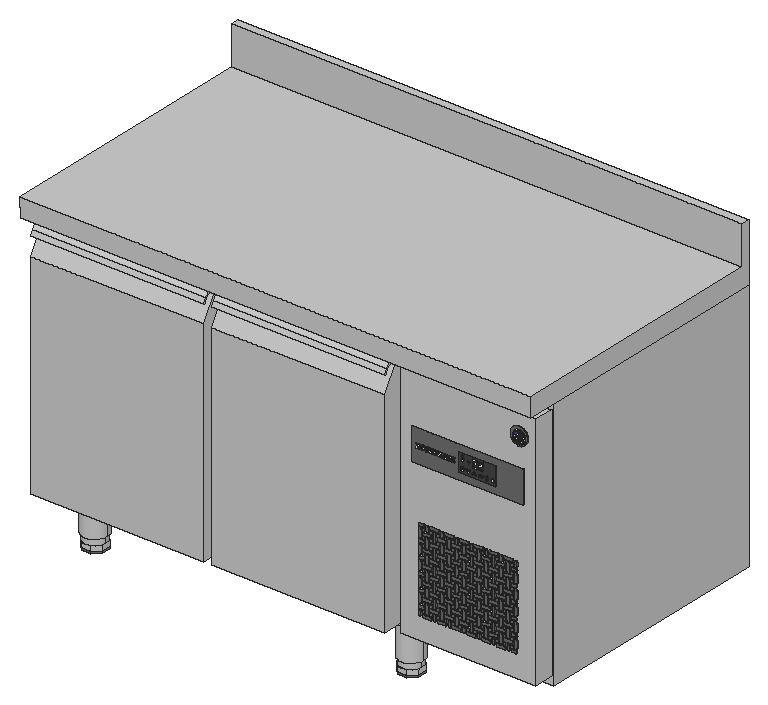
Revit family "QF_HOSHIZAKI_889000846", category Specialty Equipment, Revit 2016 (continued)
Definition of nested family "QF_HOSHIZAKI_ADVANCE_REF-COUNTER-DOORS-DRAWERS"
  Nested families
    nested 4: "2_Drawers_1-2" at (0, 0, 0), Section size <- "Section size", type "2 Drawers 1-2"
      with Worktop thickness 50 mm, Section size 446 mm, Legs height 0 mm, Height Actual 700 mm, Depth Actual 0 mm, 2 Drawers no
    nested 5: "3_Drawers_1-3_2-3" at (0, 0, 0), Section size <- "Section size", type "2 Drawers 1-3 and 2-3"
      with Worktop thickness 40 mm, Section size 446 mm, Legs height 0 mm, Height Actual 750 mm, Depth Actual 0 mm, 2 Drawers 1-3 and 2-3 no
    nested 6: "Right_Glass_Door" at (0, 0, 0), Section size <- "Section size", type "Right glass door"
      with Worktop thickness 40 mm, Section size 446 mm, Legs height 0 mm, Height Actual 750 mm, Depth Actual 0 mm, Right hand hinged glass door no
    nested 7: "Left_Glass_Door" at (0, 0, 0), Section size <- "Section size", type "Left glass door"
      with Worktop thickness 40 mm, Section size 446 mm, Legs height 0 mm, Height Actual 750 mm, Depth Actual 0 mm, Left hand hinged glass door no
  Definition of nested family "Right_Door"
    Parameters (values of type "Right door")
      Worktop thickness [instance] = 50 mm
      URL = "www.specifiglobal.com"
      Section size [instance] = 446 mm
      Right hand hinged door = yes
      Model = ""
      Manufacturer = "DEMO CONSULTANT"
      Legs height [instance] = 150 mm
      Height Actual [instance] = 850 mm
      Description = ""
      Depth Actual [instance] = 700 mm
      Assembly Code = "E1090320"
    Reference planes
      plane 1 "Back": y = 0
      plane 2: z = 0
      plane 3 "Left": x = 0
      plane 4 "Right": x = 446
      plane 5 "Front": y = -700
      plane 6 "Top": z = 850
      plane 7 "Front door": y = -633
      plane 8 "Bottom shelf": z = 150
      plane 9 "Worktop bottom": z = 800
      plane 10: z = 784
      plane 11: z = 170
    Forms (mm)
      Extrusion 1, solid, visible <- "Right hand hinged door", detail levels coarse
        sketch origin (0, -608.657, 170) x (0, 1, 0) y (-1, 0, 0)
          loop
            arc (-85.343, 0) -> (-400.712, -130.63) -> (-531.343, -446) r 446
            line (-531.343, -446) -> (-85.343, -446) -> (-85.343, 0)
        from 0 to 614
      Extrusion 2, solid, visible <- "Right hand hinged door"
        sketch origin (860, -633, 4000) x (-1, 0, 0) y (0, 0, 1)
          loop
            line (852, -3224) -> (422, -3224) -> (422, -3822) -> (852, -3822) -> (852, -3224)
          loop
            line (823, -3253) -> (451, -3253) -> (451, -3793) -> (823, -3793) -> (823, -3253)
        from 0 to -11
      Extrusion 3, solid, visible <- "Right hand hinged door"
        sketch origin (0, 0, 0) x (0, 1, 0) y (0, 0, 1)
          loop
            line (-644, 784) -> (-675.296, 784)
            arc (-675.296, 784) -> (-683.245, 781.721) -> (-688.778, 775.576) r 15
            line (-688.778, 775.576) -> (-694, 764.869) -> (-692.202, 763.992) -> (-686.981, 774.699)
            arc (-686.981, 774.699) -> (-682.185, 780.025) -> (-675.296, 782) r 13
            line (-675.296, 782) -> (-656.484, 782) -> (-694, 717.02) -> (-694, 170) -> (-644, 170) -> (-644, 784)
        from 0 to 446
    Lines and regions (mm)
      symbolic lines, visible <- "Right hand hinged door"
        curve 1: line (446, -700, 850) -> (446, -1140, 850)
        curve 2: arc (0.04, -700, 850) -> (132.759, -1011.484, 850) -> (446, -1140, 850) r 446
    Dimensions and locks
      "Section size": plane 3 "Left" to plane 4 "Right"
      "Depth Actual": plane 5 "Front" to plane 1 "Back"
      "Height Actual": plane 6 "Top" to level
      locked: plane 7 "Front door" to plane 5 "Front" at 67
      "Legs height": plane 8 "Bottom shelf" to plane 2
      "Worktop thickness": plane 6 "Top" to plane 9 "Worktop bottom"
      locked: plane 11 to plane 8 "Bottom shelf" at 20
      locked: plane 9 "Worktop bottom" to plane 10 at 16
      aligned and locked: level to plane 2
      aligned and locked: Extrusion 1 to plane 10
      aligned and locked: Extrusion 3 to plane 4 "Right"
      aligned and locked: curve 2 to Extrusion 1
      aligned and locked: plane 10 to Extrusion 3 sketch curve
      aligned and locked: Extrusion 3 sketch curve to plane 11
    Automatic sketch dimensions
      plane 4 "Right" to Extrusion 2 sketch curve = 8 mm
      plane 4 "Right" to Extrusion 2 sketch curve = 37 mm
      plane 3 "Left" to Extrusion 2 sketch curve = 37 mm
      plane 3 "Left" to Extrusion 2 sketch curve = 8 mm
      plane 11 to Extrusion 2 sketch curve = 8 mm
      plane 11 to Extrusion 2 sketch curve = 37 mm
      Extrusion 2 sketch curve to plane 10 = 37 mm
      Extrusion 2 sketch curve to plane 10 = 8 mm
      Extrusion 1 sketch curve to plane 4 "Right" = 0 mm
      Extrusion 1 sketch curve to plane 3 "Left" = 0 mm
      plane 5 "Front" to Extrusion 1 sketch curve = 6 mm
      curve 1 to plane 5 "Front" = 0 mm
      curve 2 to plane 5 "Front" = 0 mm
      Extrusion 3 sketch curve to Extrusion 3 sketch curve = 0 mm  (x2)
      Extrusion 3 sketch curve to plane 7 "Front door" = 61 mm  (x2)
      Extrusion 3 sketch curve to Extrusion 3 sketch curve = 1.798 mm  (x2)
      Extrusion 3 sketch curve to plane 10 = 8.424 mm
      Extrusion 3 sketch curve to Extrusion 3 sketch curve = 5.222 mm
      Extrusion 3 sketch curve to plane 10 = 9.301 mm
      Extrusion 3 sketch curve to plane 7 "Front door" = 42.296 mm
      Extrusion 3 sketch curve to plane 7 "Front door" = 23.484 mm
      Extrusion 3 sketch curve to Extrusion 3 sketch curve = 12.484 mm
      Extrusion 3 sketch curve to Extrusion 3 sketch curve = 46.972 mm
  Definition of nested family "Left_Door"
    Parameters (values of type "Left door")
      Worktop thickness [instance] = 50 mm
      URL = "www.specifiglobal.com"
      Section size [instance] = 450 mm
      Model = ""
      Manufacturer = "DEMO CONSULTANT"
      Legs height [instance] = 150 mm
      Left hand hinged door = yes
      Height Actual [instance] = 850 mm
      Description = ""
      Depth Actual [instance] = 700 mm
      Assembly Code = "E1090320"
    Reference planes
      plane 1 "Back": y = 0
      plane 2: z = 0
      plane 3 "Left": x = 0
      plane 4 "Right": x = 450
      plane 5 "Front": y = -700
      plane 6 "Top": z = 850
      plane 7 "Front door": y = -633
      plane 8 "Bottom shelf": z = 150
      plane 9 "Worktop bottom": z = 800
      plane 10: z = 784
      plane 11: z = 170
    Forms (mm)
      Extrusion 1, solid, visible <- "Left hand hinged door"
        sketch origin (860, -633, 4000) x (-1, 0, 0) y (0, 0, 1)
          loop
            line (852, -3224) -> (418, -3224) -> (418, -3822) -> (852, -3822) -> (852, -3224)
          loop
            line (823, -3253) -> (447, -3253) -> (447, -3793) -> (823, -3793) -> (823, -3253)
        from 0 to -11
      Extrusion 2, solid, visible <- "Left hand hinged door"
        sketch origin (0, 0, 0) x (0, 1, 0) y (0, 0, 1)
          loop
            line (-644, 784) -> (-675.296, 784)
            arc (-675.296, 784) -> (-683.245, 781.721) -> (-688.778, 775.576) r 15
            line (-688.778, 775.576) -> (-694, 764.869) -> (-692.202, 763.992) -> (-686.981, 774.699)
            arc (-686.981, 774.699) -> (-682.185, 780.025) -> (-675.296, 782) r 13
            line (-675.296, 782) -> (-656.484, 782) -> (-694, 717.02) -> (-694, 170) -> (-644, 170) -> (-644, 784)
        from 0 to 450
      Extrusion 3, solid, visible <- "Left hand hinged door", detail levels coarse
        sketch origin (0, -608.657, 170) x (0, 1, 0) y (-1, 0, 0)
          loop
            line (-85.343, -450) -> (-85.343, 0) -> (-535.343, 0)
            arc (-535.343, 0) -> (-403.541, -318.198) -> (-85.343, -450) r 450
        from 0 to 614
    Lines and regions (mm)
      symbolic lines, visible <- "Left hand hinged door"
        curve 1: line (0, -700, 850) -> (0, -1144, 850)
        curve 2: arc (0, -1144, 850) -> (316.07, -1014.312, 850) -> (449.96, -700, 850) r 450
    Dimensions and locks
      "Section size": plane 3 "Left" to plane 4 "Right"
      "Depth Actual": plane 5 "Front" to plane 1 "Back"
      "Height Actual": plane 6 "Top" to level
      locked: plane 7 "Front door" to plane 5 "Front" at 67
      "Legs height": plane 8 "Bottom shelf" to plane 2
      "Worktop thickness": plane 6 "Top" to plane 9 "Worktop bottom"
      locked: plane 11 to plane 8 "Bottom shelf" at 20
      locked: plane 9 "Worktop bottom" to plane 10 at 16
      aligned and locked: level to plane 2
      aligned and locked: Extrusion 2 to plane 4 "Right"
      aligned and locked: Extrusion 3 to plane 10
      aligned and locked: curve 2 to Extrusion 3
      aligned and locked: plane 10 to Extrusion 2 sketch curve
      aligned and locked: Extrusion 2 sketch curve to plane 11
    Automatic sketch dimensions
      plane 4 "Right" to Extrusion 1 sketch curve = 8 mm
      plane 4 "Right" to Extrusion 1 sketch curve = 37 mm
      plane 3 "Left" to Extrusion 1 sketch curve = 37 mm
      plane 3 "Left" to Extrusion 1 sketch curve = 8 mm
      plane 11 to Extrusion 1 sketch curve = 8 mm
      plane 11 to Extrusion 1 sketch curve = 37 mm
      Extrusion 1 sketch curve to plane 10 = 37 mm
      Extrusion 1 sketch curve to plane 10 = 8 mm
      Extrusion 3 sketch curve to plane 3 "Left" = 0 mm
      Extrusion 3 sketch curve to plane 4 "Right" = 0 mm
      plane 5 "Front" to Extrusion 3 sketch curve = 6 mm
      curve 1 to plane 5 "Front" = 0 mm
      curve 2 to plane 5 "Front" = 0 mm
      Extrusion 2 sketch curve to Extrusion 2 sketch curve = 0 mm  (x2)
      plane 5 "Front" to Extrusion 2 sketch curve = 6 mm  (x2)
      Extrusion 2 sketch curve to Extrusion 2 sketch curve = 1.798 mm
      plane 5 "Front" to Extrusion 2 sketch curve = 11.222 mm
      Extrusion 2 sketch curve to Extrusion 2 sketch curve = 11.684 mm
      Extrusion 2 sketch curve to Extrusion 2 sketch curve = 18.812 mm
      Extrusion 2 sketch curve to plane 7 "Front door" = 11 mm
      Extrusion 2 sketch curve to plane 10 = 66.98 mm
      Extrusion 2 sketch curve to plane 10 = 20.008 mm
      Extrusion 2 sketch curve to Extrusion 2 sketch curve = 0.877 mm  (x2)
  Definition of nested family "3_Drawers_1-3"
    Parameters (values of type "3 Drawers 1-3")
      Worktop thickness [instance] = 50 mm
      URL = "www.specifiglobal.com"
      Section size [instance] = 446 mm
      Model = ""
      Manufacturer = "DEMO CONSULTANT"
      Legs height [instance] = 150 mm
      Height Actual [instance] = 850 mm
      Description = ""
      Depth Actual [instance] = 700 mm
      Assembly Code = "E1090320"
      3 Drawers = yes
    Reference planes
      plane 1 "Back": y = 0
      plane 2: z = 0
      plane 3 "Left": x = 0
      plane 4 "Right": x = 446
      plane 5 "Front": y = -700
      plane 6 "Top": z = 850
      plane 7 "Front door": y = -633
      plane 8 "Bottom shelf": z = 150
      plane 9 "Worktop bottom": z = 800
      plane 10: z = 784
      plane 11: z = 170
      plane 12: z = 584
      plane 13: z = 577
      plane 14: z = 370
      plane 15: z = 377
      plane 16: z = 580.5
      plane 17: z = 373.5
      plane 18: z = 166.5
      plane 19: z = 787.5
    Forms (mm)
      Extrusion 1, solid, visible <- "3 Drawers"
        sketch origin (860, -633, 4000) x (-1, 0, 0) y (0, 0, 1)
          loop
            line (852, -3224) -> (422, -3224) -> (422, -3408) -> (852, -3408) -> (852, -3224)
          loop
            line (823, -3253) -> (451, -3253) -> (451, -3379) -> (823, -3379) -> (823, -3253)
        from 0 to -11
      Extrusion 2, solid, visible <- "3 Drawers"
        sketch origin (0, 0, 0) x (0, 1, 0) y (0, 0, 1)
          loop
            line (-644, 784) -> (-675.296, 784)
            arc (-675.296, 784) -> (-683.245, 781.721) -> (-688.778, 775.576) r 15
            line (-688.778, 775.576) -> (-694, 764.869) -> (-692.202, 763.992) -> (-686.981, 774.699)
            arc (-686.981, 774.699) -> (-682.185, 780.025) -> (-675.296, 782) r 13
            line (-675.296, 782) -> (-656.484, 782) -> (-694, 717.02) -> (-694, 584) -> (-644, 584) -> (-644, 784)
        from 0 to 446
      Extrusion 3, solid, visible <- "3 Drawers"
        sketch origin (0, 0, -237.3) x (0, 1, 0) y (0, 0, 1)
          loop
            line (-644, 814.3) -> (-675.296, 814.3)
            arc (-675.296, 814.3) -> (-683.245, 812.021) -> (-688.778, 805.876) r 15
            line (-688.778, 805.876) -> (-694, 795.169) -> (-692.202, 794.292) -> (-686.981, 804.999)
            arc (-686.981, 804.999) -> (-682.185, 810.325) -> (-675.296, 812.3) r 13
            line (-675.296, 812.3) -> (-656.484, 812.3) -> (-694, 747.32) -> (-694, 614.3) -> (-644, 614.3) -> (-644, 814.3)
        from 0 to 446
      Extrusion 4, solid, visible <- "3 Drawers"
        sketch origin (0, 0, -463.333) x (0, 1, 0) y (0, 0, 1)
          loop
            line (-644, 833.333) -> (-675.296, 833.333)
            arc (-675.296, 833.333) -> (-683.245, 831.054) -> (-688.778, 824.909) r 15
            line (-688.778, 824.909) -> (-694, 814.202) -> (-692.202, 813.326) -> (-686.981, 824.032)
            arc (-686.981, 824.032) -> (-682.185, 829.358) -> (-675.296, 831.333) r 13
            line (-675.296, 831.333) -> (-656.484, 831.333) -> (-694, 766.353) -> (-694, 633.333) -> (-644, 633.333) -> (-644, 833.333)
        from 0 to 446
      Extrusion 5, solid, visible <- "3 Drawers"
        sketch origin (860, -633, 3773.7) x (-1, 0, 0) y (0, 0, 1)
          loop
            line (852, -3204.7) -> (422, -3204.7) -> (422, -3388.7) -> (852, -3388.7) -> (852, -3204.7)
          loop
            line (823, -3233.7) -> (451, -3233.7) -> (451, -3359.7) -> (823, -3359.7) -> (823, -3233.7)
        from 0 to -11
      Extrusion 6, solid, visible <- "3 Drawers"
        sketch origin (860, -633, 3547) x (-1, 0, 0) y (0, 0, 1)
          loop
            line (852, -3185) -> (422, -3185) -> (422, -3369) -> (852, -3369) -> (852, -3185)
          loop
            line (823, -3214) -> (451, -3214) -> (451, -3340) -> (823, -3340) -> (823, -3214)
        from 0 to -11
      Extrusion 7, solid, visible <- "3 Drawers", detail levels coarse
        sketch origin (0, -608.657, 584) x (0, 1, 0) y (-1, 0, 0)
          loop
            line (-85.343, 0) -> (-551.343, 0) -> (-551.343, -446) -> (-85.343, -446) -> (-85.343, 0)
        from 0 to 200
      Extrusion 8, solid, visible <- "3 Drawers", detail levels coarse
        sketch origin (0, -503.657, 377) x (0, 1, 0) y (-1, 0, 0)
          loop
            line (-190.343, 0) -> (-656.343, 0) -> (-656.343, -446) -> (-190.343, -446) -> (-190.343, 0)
        from 0 to 200
      Extrusion 9, solid, visible <- "3 Drawers", detail levels coarse
        sketch origin (0, -343.657, 170) x (0, 1, 0) y (-1, 0, 0)
          loop
            line (-350.343, 0) -> (-816.343, 0) -> (-816.343, -446) -> (-350.343, -446) -> (-350.343, 0)
        from 0 to 200
    Lines and regions (mm)
      symbolic lines, visible <- "3 Drawers"
        curve 1: line (0, -808, 850) -> (0, -854, 850)
        curve 2: line (0, -854, 850) -> (446, -854, 850)
        curve 3: line (446, -854, 850) -> (446, -808, 850)
        curve 4: line (446, -808, 850) -> (0, -808, 850)
        curve 5: line (416, -808, 850) -> (416, -700, 850)
        curve 6: line (30, -808, 850) -> (30, -700, 850)
        curve 7: line (0, -961, 850) -> (0, -1007, 850)
        curve 8: line (0, -1007, 850) -> (446, -1007, 850)
        curve 9: line (446, -1007, 850) -> (446, -961, 850)
        curve 10: line (446, -961, 850) -> (0, -961, 850)
        curve 11: line (416, -961, 850) -> (416, -854, 850)
        curve 12: line (30, -961, 850) -> (30, -854, 850)
        curve 13: line (0, -1114, 850) -> (0, -1160, 850)
        curve 14: line (0, -1160, 850) -> (446, -1160, 850)
        curve 15: line (446, -1160, 850) -> (446, -1114, 850)
        curve 16: line (446, -1114, 850) -> (0, -1114, 850)
        curve 17: line (416, -1114, 850) -> (416, -1007, 850)
        curve 18: line (30, -1114, 850) -> (30, -1007, 850)
    Dimensions and locks
      "Section size": plane 3 "Left" to plane 4 "Right"
      "Depth Actual": plane 5 "Front" to plane 1 "Back"
      "Height Actual": plane 6 "Top" to level
      locked: plane 7 "Front door" to plane 5 "Front" at 67
      "Legs height": plane 8 "Bottom shelf" to plane 2
      "Worktop thickness": plane 6 "Top" to plane 9 "Worktop bottom"
      locked: plane 11 to plane 8 "Bottom shelf" at 20
      locked: plane 9 "Worktop bottom" to plane 10 at 16
      locked: plane 12 to plane 13 at 7
      locked: plane 15 to plane 14 at 7
      locked: plane 11 to plane 18 at 3.5
      equal spacing: plane 12, plane 16, plane 13
      equal spacing: plane 15, plane 17, plane 14
      locked: plane 19 to plane 10 at 3.5
      equal spacing: plane 19, plane 16, plane 17, plane 18
      aligned and locked: level to plane 2
      aligned and locked: Extrusion 2 to plane 4 "Right"
      aligned and locked: Extrusion 3 to plane 4 "Right"
      aligned and locked: Extrusion 4 to plane 4 "Right"
      aligned and locked: plane 4 "Right" to Extrusion 7 sketch curve
      aligned and locked: plane 3 "Left" to Extrusion 7 sketch curve
      aligned and locked: Extrusion 7 to plane 10
      aligned and locked: Extrusion 8 to plane 13
      aligned and locked: Extrusion 9 to plane 14
      aligned and locked: plane 10 to Extrusion 2 sketch curve
      aligned and locked: Extrusion 2 sketch curve to plane 12
      aligned and locked: Extrusion 3 sketch curve to plane 15
      aligned and locked: plane 13 to Extrusion 3 sketch curve
    Automatic sketch dimensions
      plane 4 "Right" to Extrusion 1 sketch curve = 8 mm
      plane 4 "Right" to Extrusion 1 sketch curve = 37 mm
      plane 3 "Left" to Extrusion 1 sketch curve = 37 mm
      plane 3 "Left" to Extrusion 1 sketch curve = 8 mm
      plane 12 to Extrusion 1 sketch curve = 8 mm
      plane 12 to Extrusion 1 sketch curve = 37 mm
      Extrusion 1 sketch curve to plane 10 = 37 mm
      Extrusion 1 sketch curve to plane 10 = 8 mm
      plane 4 "Right" to Extrusion 5 sketch curve = 8 mm
      plane 4 "Right" to Extrusion 5 sketch curve = 37 mm
      plane 3 "Left" to Extrusion 5 sketch curve = 37 mm
      plane 3 "Left" to Extrusion 5 sketch curve = 8 mm
      plane 15 to Extrusion 5 sketch curve = 8 mm
      plane 15 to Extrusion 5 sketch curve = 37 mm
      Extrusion 5 sketch curve to plane 13 = 37 mm
      Extrusion 5 sketch curve to plane 13 = 8 mm
      plane 4 "Right" to Extrusion 6 sketch curve = 8 mm
      plane 4 "Right" to Extrusion 6 sketch curve = 37 mm
      plane 3 "Left" to Extrusion 6 sketch curve = 37 mm
      plane 3 "Left" to Extrusion 6 sketch curve = 8 mm
      plane 11 to Extrusion 6 sketch curve = 8 mm
      plane 11 to Extrusion 6 sketch curve = 37 mm
      Extrusion 6 sketch curve to plane 14 = 37 mm
      Extrusion 6 sketch curve to plane 14 = 8 mm
      Extrusion 7 sketch curve to plane 5 "Front" = 460 mm
      plane 5 "Front" to Extrusion 7 sketch curve = 6 mm
      Extrusion 8 sketch curve to plane 3 "Left" = 0 mm
      Extrusion 8 sketch curve to plane 4 "Right" = 0 mm
      Extrusion 8 sketch curve to plane 5 "Front" = 460 mm
      plane 5 "Front" to Extrusion 8 sketch curve = 6 mm
      Extrusion 9 sketch curve to plane 3 "Left" = 0 mm
      Extrusion 9 sketch curve to plane 4 "Right" = 0 mm
      Extrusion 9 sketch curve to plane 5 "Front" = 460 mm
      plane 5 "Front" to Extrusion 9 sketch curve = 6 mm
      curve 13 to plane 3 "Left" = 0 mm
      curve 14 to plane 4 "Right" = 0 mm
      curve 7 to plane 3 "Left" = 0 mm
      curve 8 to plane 4 "Right" = 0 mm
      curve 1 to plane 3 "Left" = 0 mm
      curve 3 to plane 4 "Right" = 0 mm
      curve 6 to plane 5 "Front" = 0 mm
      curve 5 to plane 5 "Front" = 0 mm
      curve 1 to plane 5 "Front" = 108 mm
      curve 2 to curve 3 = 46 mm
      curve 7 to curve 1 = 107 mm
      curve 9 to curve 9 = 46 mm
      curve 16 to curve 7 = 107 mm
      curve 14 to curve 13 = 46 mm
      curve 8 to curve 17 = 30 mm
      curve 9 to curve 11 = 30 mm
      curve 3 to curve 5 = 30 mm
      plane 3 "Left" to curve 6 = 30 mm
      plane 3 "Left" to curve 18 = 30 mm
      plane 3 "Left" to curve 12 = 30 mm
      Extrusion 2 sketch curve to Extrusion 2 sketch curve = 0 mm  (x3)
      plane 5 "Front" to Extrusion 2 sketch curve = 6 mm  (x2)
      Extrusion 2 sketch curve to Extrusion 2 sketch curve = 1.798 mm  (x2)
      Extrusion 2 sketch curve to Extrusion 2 sketch curve = 11.684 mm
      plane 5 "Front" to Extrusion 2 sketch curve = 43.516 mm
      plane 5 "Front" to Extrusion 2 sketch curve = 56 mm
      Extrusion 2 sketch curve to plane 10 = 66.98 mm
      Extrusion 3 sketch curve to Extrusion 3 sketch curve = 0 mm  (x4)
      Extrusion 3 sketch curve to Extrusion 3 sketch curve = 1.798 mm  (x2)
      plane 5 "Front" to Extrusion 3 sketch curve = 11.222 mm
      Extrusion 3 sketch curve to Extrusion 3 sketch curve = 18.812 mm
      Extrusion 3 sketch curve to plane 7 "Front door" = 11 mm
      Extrusion 3 sketch curve to Extrusion 3 sketch curve = 46.972 mm
      Extrusion 4 sketch curve to Extrusion 4 sketch curve = 0 mm  (x2)
      Extrusion 4 sketch curve to plane 11 = 0 mm
      Extrusion 4 sketch curve to plane 14 = 0 mm
      Extrusion 4 sketch curve to plane 7 "Front door" = 61 mm  (x2)
      Extrusion 4 sketch curve to Extrusion 4 sketch curve = 1.798 mm  (x2)
      Extrusion 4 sketch curve to plane 14 = 8.424 mm
      Extrusion 4 sketch curve to Extrusion 4 sketch curve = 5.222 mm
      Extrusion 4 sketch curve to plane 14 = 9.301 mm
      Extrusion 4 sketch curve to plane 7 "Front door" = 42.296 mm
      Extrusion 4 sketch curve to plane 7 "Front door" = 23.484 mm
      Extrusion 4 sketch curve to plane 7 "Front door" = 11 mm
      Extrusion 4 sketch curve to Extrusion 4 sketch curve = 46.972 mm
      plane 5 "Front" to Extrusion 2 sketch curve = 11.222 mm
      plane 5 "Front" to Extrusion 3 sketch curve = 7.798 mm
      plane 5 "Front" to Extrusion 3 sketch curve = 6 mm
      Extrusion 3 sketch curve to Extrusion 3 sketch curve = 11.684 mm
      Extrusion 3 sketch curve to Extrusion 3 sketch curve = 66.98 mm
      Extrusion 3 sketch curve to Extrusion 3 sketch curve = 0.877 mm
      Extrusion 2 sketch curve to plane 10 = 20.008 mm
      Extrusion 2 sketch curve to Extrusion 2 sketch curve = 0.877 mm
  Definition of nested family "2_Drawers_1-2"
    Parameters (values of type "2 Drawers 1-2")
      Worktop thickness [instance] = 50 mm
      URL = "www.specifiglobal.com"
      Section size [instance] = 446 mm
      Model = ""
      Manufacturer = "DEMO CONSULTANT"
      Legs height [instance] = 150 mm
      Height Actual [instance] = 850 mm
      Description = ""
      Depth Actual [instance] = 700 mm
      Assembly Code = "E1090320"
      2 Drawers = yes
    Reference planes
      plane 1 "Back": y = 0
      plane 2: z = 0
      plane 3 "Left": x = 0
      plane 4 "Right": x = 446
      plane 5 "Front": y = -700
      plane 6 "Top": z = 850
      plane 7 "Front door": y = -633
      plane 8 "Bottom shelf": z = 150
      plane 9 "Worktop bottom": z = 800
      plane 10: z = 784
      plane 11: z = 170
      plane 12: z = 481
      plane 13: z = 473
      plane 14: z = 477
      plane 15: z = 792
      plane 16: z = 160
    Forms (mm)
      Extrusion 1, solid, visible <- "2 Drawers"
        sketch origin (860, -633, 4000) x (-1, 0, 0) y (0, 0, 1)
          loop
            line (852, -3224) -> (422, -3224) -> (422, -3511) -> (852, -3511) -> (852, -3224)
          loop
            line (823, -3253) -> (451, -3253) -> (451, -3482) -> (823, -3482) -> (823, -3253)
        from 0 to -11
      Extrusion 2, solid, visible <- "2 Drawers"
        sketch origin (0, 0, 0) x (0, 1, 0) y (0, 0, 1)
          loop
            line (-644, 784) -> (-675.296, 784)
            arc (-675.296, 784) -> (-683.245, 781.721) -> (-688.778, 775.576) r 15
            line (-688.778, 775.576) -> (-694, 764.869) -> (-692.202, 763.992) -> (-686.981, 774.699)
            arc (-686.981, 774.699) -> (-682.185, 780.025) -> (-675.296, 782) r 13
            line (-675.296, 782) -> (-656.484, 782) -> (-694, 717.02) -> (-694, 481) -> (-644, 481) -> (-644, 784)
        from 0 to 446
      Extrusion 3, solid, visible <- "2 Drawers"
        sketch origin (0, 0, -463.333) x (0, 1, 0) y (0, 0, 1)
          loop
            line (-644, 936.333) -> (-675.296, 936.333)
            arc (-675.296, 936.333) -> (-683.245, 934.054) -> (-688.778, 927.909) r 15
            line (-688.778, 927.909) -> (-694, 917.202) -> (-692.202, 916.326) -> (-686.981, 927.032)
            arc (-686.981, 927.032) -> (-682.185, 932.358) -> (-675.296, 934.333) r 13
            line (-675.296, 934.333) -> (-656.484, 934.333) -> (-694, 869.353) -> (-694, 633.333) -> (-644, 633.333) -> (-644, 936.333)
        from 0 to 446
      Extrusion 4, solid, visible <- "2 Drawers"
        sketch origin (860, -633, 3547) x (-1, 0, 0) y (0, 0, 1)
          loop
            line (852, -3082) -> (422, -3082) -> (422, -3369) -> (852, -3369) -> (852, -3082)
          loop
            line (823, -3111) -> (451, -3111) -> (451, -3340) -> (823, -3340) -> (823, -3111)
        from 0 to -11
      Extrusion 5, solid, visible <- "2 Drawers", detail levels coarse
        sketch origin (0, -608.657, 481) x (0, 1, 0) y (-1, 0, 0)
          loop
            line (-85.343, 0) -> (-551.343, 0) -> (-551.343, -446) -> (-85.343, -446) -> (-85.343, 0)
        from 0 to 303
      Extrusion 6, solid, visible <- "2 Drawers", detail levels coarse
        sketch origin (0, -343.657, 170) x (0, 1, 0) y (-1, 0, 0)
          loop
            line (-350.343, 0) -> (-816.343, 0) -> (-816.343, -446) -> (-350.343, -446) -> (-350.343, 0)
        from 0 to 303
    Lines and regions (mm)
      symbolic lines, visible <- "2 Drawers"
        curve 1: line (0, -884, 850) -> (0, -930, 850)
        curve 2: line (0, -930, 850) -> (446, -930, 850)
        curve 3: line (446, -930, 850) -> (446, -884, 850)
        curve 4: line (446, -884, 850) -> (0, -884, 850)
        curve 5: line (416, -884, 850) -> (416, -700, 850)
        curve 6: line (30, -884, 850) -> (30, -700, 850)
        curve 7: line (0, -1114, 850) -> (0, -1160, 850)
        curve 8: line (0, -1160, 850) -> (446, -1160, 850)
        curve 9: line (446, -1160, 850) -> (446, -1114, 850)
        curve 10: line (446, -1114, 850) -> (0, -1114, 850)
        curve 11: line (416, -1114, 850) -> (416, -930, 850)
        curve 12: line (30, -1114, 850) -> (30, -930, 850)
    Dimensions and locks
      "Section size": plane 3 "Left" to plane 4 "Right"
      "Depth Actual": plane 5 "Front" to plane 1 "Back"
      "Height Actual": plane 6 "Top" to level
      locked: plane 7 "Front door" to plane 5 "Front" at 67
      "Legs height": plane 8 "Bottom shelf" to plane 2
      "Worktop thickness": plane 6 "Top" to plane 9 "Worktop bottom"
      locked: plane 11 to plane 8 "Bottom shelf" at 20
      locked: plane 9 "Worktop bottom" to plane 10 at 16
      equal spacing: plane 9 "Worktop bottom", plane 15, plane 10
      equal spacing: plane 11, plane 16, plane 8 "Bottom shelf"
      plane 12 to plane 13 = 8 mm
      equal spacing: plane 12, plane 14, plane 13
      equal spacing: plane 10, plane 14, plane 11
      aligned and locked: level to plane 2
      aligned and locked: Extrusion 2 to plane 4 "Right"
      aligned and locked: Extrusion 3 to plane 4 "Right"
      aligned and locked: plane 4 "Right" to Extrusion 5 sketch curve
      aligned and locked: plane 3 "Left" to Extrusion 5 sketch curve
      aligned and locked: Extrusion 5 to plane 10
      aligned and locked: Extrusion 6 to plane 13
      aligned and locked: Extrusion 2 sketch curve to plane 12
      aligned and locked: plane 10 to Extrusion 2 sketch curve
      aligned and locked: Extrusion 3 sketch curve to plane 11
      aligned and locked: plane 13 to Extrusion 3 sketch curve
    Automatic sketch dimensions
      plane 4 "Right" to Extrusion 1 sketch curve = 8 mm
      plane 4 "Right" to Extrusion 1 sketch curve = 37 mm
      plane 3 "Left" to Extrusion 1 sketch curve = 37 mm
      plane 3 "Left" to Extrusion 1 sketch curve = 8 mm
      plane 12 to Extrusion 1 sketch curve = 8 mm
      plane 12 to Extrusion 1 sketch curve = 37 mm
      Extrusion 1 sketch curve to plane 10 = 37 mm
      Extrusion 1 sketch curve to plane 10 = 8 mm
      plane 4 "Right" to Extrusion 4 sketch curve = 8 mm
      plane 4 "Right" to Extrusion 4 sketch curve = 37 mm
      plane 3 "Left" to Extrusion 4 sketch curve = 37 mm
      plane 3 "Left" to Extrusion 4 sketch curve = 8 mm
      plane 11 to Extrusion 4 sketch curve = 8 mm
      plane 11 to Extrusion 4 sketch curve = 37 mm
      Extrusion 4 sketch curve to plane 13 = 37 mm
      Extrusion 4 sketch curve to plane 13 = 8 mm
      Extrusion 5 sketch curve to plane 5 "Front" = 460 mm
      plane 5 "Front" to Extrusion 5 sketch curve = 6 mm
      Extrusion 6 sketch curve to plane 3 "Left" = 0 mm
      Extrusion 6 sketch curve to plane 4 "Right" = 0 mm
      Extrusion 6 sketch curve to plane 5 "Front" = 460 mm
      plane 5 "Front" to Extrusion 6 sketch curve = 6 mm
      curve 8 to plane 3 "Left" = 0 mm
      curve 8 to plane 4 "Right" = 0 mm
      curve 3 to plane 4 "Right" = 0 mm
      curve 1 to plane 3 "Left" = 0 mm
      curve 5 to plane 5 "Front" = 0 mm
      curve 6 to plane 5 "Front" = 0 mm
      curve 4 to plane 5 "Front" = 184 mm
      curve 2 to curve 1 = 46 mm
      curve 7 to curve 1 = 184 mm
      curve 9 to curve 9 = 46 mm
      plane 4 "Right" to curve 5 = 30 mm
      plane 4 "Right" to curve 11 = 30 mm
      plane 3 "Left" to curve 12 = 30 mm
      plane 3 "Left" to curve 6 = 30 mm
      Extrusion 2 sketch curve to Extrusion 2 sketch curve = 0 mm  (x2)
      plane 5 "Front" to Extrusion 2 sketch curve = 6 mm  (x2)
      Extrusion 2 sketch curve to Extrusion 2 sketch curve = 1.798 mm  (x2)
      Extrusion 2 sketch curve to Extrusion 2 sketch curve = 5.222 mm
      plane 5 "Front" to Extrusion 2 sketch curve = 24.704 mm
      plane 5 "Front" to Extrusion 2 sketch curve = 43.516 mm
      plane 5 "Front" to Extrusion 2 sketch curve = 56 mm
      Extrusion 2 sketch curve to Extrusion 2 sketch curve = 46.972 mm
      Extrusion 2 sketch curve to Extrusion 2 sketch curve = 0.877 mm
      Extrusion 2 sketch curve to Extrusion 2 sketch curve = 5.699 mm
      plane 5 "Front" to Extrusion 3 sketch curve = 6 mm  (x2)
      Extrusion 3 sketch curve to Extrusion 3 sketch curve = 1.798 mm  (x2)
      Extrusion 3 sketch curve to Extrusion 3 sketch curve = 5.222 mm
      Extrusion 3 sketch curve to Extrusion 3 sketch curve = 11.684 mm
      plane 5 "Front" to Extrusion 3 sketch curve = 43.516 mm
      plane 5 "Front" to Extrusion 3 sketch curve = 56 mm
      Extrusion 3 sketch curve to Extrusion 3 sketch curve = 46.972 mm
      Extrusion 3 sketch curve to Extrusion 3 sketch curve = 0 mm  (x2)
      Extrusion 3 sketch curve to Extrusion 3 sketch curve = 5.699 mm
      Extrusion 3 sketch curve to Extrusion 3 sketch curve = 0.877 mm
  Definition of nested family "3_Drawers_1-3_2-3"
    Parameters (values of type "2 Drawers 1-3 and 2-3")
      Worktop thickness [instance] = 40 mm
      URL = "www.specifiglobal.com"
      Section size [instance] = 421 mm
      Model = ""
      Manufacturer = "DEMO CONSULTANT"
      Legs height [instance] = 150 mm
      Height Actual [instance] = 900 mm
      Description = ""
      Depth Actual [instance] = 700 mm
      Assembly Code = "E1090320"
      2 Drawers 1-3 and 2-3 = yes
    Reference planes
      plane 1 "Back": y = 0
      plane 2: z = 0
      plane 3 "Left": x = 0
      plane 4 "Right": x = 421
      plane 5 "Front": y = -700
      plane 6 "Top": z = 900
      plane 7 "Front door": y = -633
      plane 8 "Bottom shelf": z = 150
      plane 9 "Worktop bottom": z = 860
      plane 10: z = 841
      plane 11: z = 186
      plane 12: z = 627
      plane 13: z = 620
      plane 14: z = 623.5
      plane 15: z = 850.5
      plane 16: z = 168
    Forms (mm)
      Extrusion 1, solid, visible <- "2 Drawers 1-3 and 2-3"
        sketch origin (860, -633, 4000) x (-1, 0, 0) y (0, 0, 1)
          loop
            line (852, -3167) -> (447, -3167) -> (447, -3365) -> (852, -3365) -> (852, -3167)
          loop
            line (823, -3196) -> (476, -3196) -> (476, -3336) -> (823, -3336) -> (823, -3196)
        from 0 to -11
      Extrusion 2, solid, visible <- "2 Drawers 1-3 and 2-3"
        sketch origin (0, 0, 0) x (0, 1, 0) y (0, 0, 1)
          loop
            line (-644, 841) -> (-675.296, 841)
            arc (-675.296, 841) -> (-683.245, 838.721) -> (-688.778, 832.576) r 15
            line (-688.778, 832.576) -> (-694, 821.869) -> (-692.202, 820.992) -> (-686.981, 831.699)
            arc (-686.981, 831.699) -> (-682.185, 837.025) -> (-675.296, 839) r 13
            line (-675.296, 839) -> (-656.484, 839) -> (-694, 774.02) -> (-694, 627) -> (-644, 627) -> (-644, 841)
        from 0 to 421
      Extrusion 3, solid, visible <- "2 Drawers 1-3 and 2-3"
        sketch origin (0, 0, -463.333) x (0, 1, 0) y (0, 0, 1)
          loop
            line (-644, 1083.333) -> (-675.296, 1083.333)
            arc (-675.296, 1083.333) -> (-683.245, 1081.054) -> (-688.778, 1074.909) r 15
            line (-688.778, 1074.909) -> (-694, 1064.202) -> (-692.202, 1063.326) -> (-686.981, 1074.032)
            arc (-686.981, 1074.032) -> (-682.185, 1079.358) -> (-675.296, 1081.333) r 13
            line (-675.296, 1081.333) -> (-656.484, 1081.333) -> (-694, 1016.353) -> (-694, 649.333) -> (-644, 649.333) -> (-644, 1083.333)
        from 0 to 421
      Extrusion 4, solid, visible <- "2 Drawers 1-3 and 2-3"
        sketch origin (860, -633, 3547) x (-1, 0, 0) y (0, 0, 1)
          loop
            line (852, -2935) -> (447, -2935) -> (447, -3353) -> (852, -3353) -> (852, -2935)
          loop
            line (823, -2964) -> (476, -2964) -> (476, -3324) -> (823, -3324) -> (823, -2964)
        from 0 to -11
      Extrusion 5, solid, visible <- "2 Drawers 1-3 and 2-3", detail levels coarse
        sketch origin (0, -608.657, 627) x (0, 1, 0) y (-1, 0, 0)
          loop
            line (-85.343, 0) -> (-551.343, 0) -> (-551.343, -421) -> (-85.343, -421) -> (-85.343, 0)
        from 0 to 214
      Extrusion 6, solid, visible <- "2 Drawers 1-3 and 2-3", detail levels coarse
        sketch origin (0, -343.657, 186) x (0, 1, 0) y (-1, 0, 0)
          loop
            line (-350.343, 0) -> (-816.343, 0) -> (-816.343, -421) -> (-350.343, -421) -> (-350.343, 0)
        from 0 to 434
    Lines and regions (mm)
      symbolic lines, visible <- "2 Drawers 1-3 and 2-3"
        curve 1: line (0, -804, 900) -> (0, -850, 900)
        curve 2: line (0, -850, 900) -> (421, -850, 900)
        curve 3: line (421, -850, 900) -> (421, -804, 900)
        curve 4: line (421, -804, 900) -> (0, -804, 900)
        curve 5: line (391, -804, 900) -> (391, -700, 900)
        curve 6: line (30, -804, 900) -> (30, -700, 900)
        curve 7: line (0, -1114, 900) -> (0, -1160, 900)
        curve 8: line (0, -1160, 900) -> (421, -1160, 900)
        curve 9: line (421, -1160, 900) -> (421, -1114, 900)
        curve 10: line (421, -1114, 900) -> (0, -1114, 900)
        curve 11: line (391, -1114, 900) -> (391, -850, 900)
        curve 12: line (30, -1114, 900) -> (30, -850, 900)
    Dimensions and locks
      "Section size": plane 3 "Left" to plane 4 "Right"
      "Depth Actual": plane 5 "Front" to plane 1 "Back"
      "Height Actual": plane 6 "Top" to level
      locked: plane 7 "Front door" to plane 5 "Front" at 67
      "Legs height": plane 8 "Bottom shelf" to plane 2
      "Worktop thickness": plane 6 "Top" to plane 9 "Worktop bottom"
      locked: plane 11 to plane 8 "Bottom shelf" at 36
      locked: plane 9 "Worktop bottom" to plane 10 at 19
      locked: plane 12 to plane 13 at 7
      equal spacing: plane 9 "Worktop bottom", plane 15, plane 10
      equal spacing: plane 11, plane 16, plane 8 "Bottom shelf"
      locked: Extrusion 4 sketch curve to plane 13 at 37
      locked: Extrusion 4 sketch curve to plane 13 at 8
      equal spacing: plane 12, plane 14, plane 13
      locked: plane 10 to plane 12 at 214
      aligned and locked: level to plane 2
      aligned and locked: Extrusion 2 to plane 4 "Right"
      aligned and locked: Extrusion 3 to plane 4 "Right"
      aligned and locked: plane 4 "Right" to Extrusion 5 sketch curve
      aligned and locked: plane 3 "Left" to Extrusion 5 sketch curve
      aligned and locked: Extrusion 5 to plane 10
      aligned and locked: Extrusion 6 to plane 13
      aligned and locked: plane 10 to Extrusion 2 sketch curve
      aligned and locked: Extrusion 2 sketch curve to plane 12
      aligned and locked: Extrusion 3 sketch curve to plane 11
      aligned and locked: plane 13 to Extrusion 3 sketch curve
    Automatic sketch dimensions
      plane 4 "Right" to Extrusion 1 sketch curve = 8 mm
      plane 4 "Right" to Extrusion 1 sketch curve = 37 mm
      plane 3 "Left" to Extrusion 1 sketch curve = 37 mm
      plane 3 "Left" to Extrusion 1 sketch curve = 8 mm
      plane 12 to Extrusion 1 sketch curve = 8 mm
      plane 12 to Extrusion 1 sketch curve = 37 mm
      Extrusion 1 sketch curve to plane 10 = 37 mm
      Extrusion 1 sketch curve to plane 10 = 8 mm
      plane 4 "Right" to Extrusion 4 sketch curve = 8 mm
      plane 4 "Right" to Extrusion 4 sketch curve = 37 mm
      plane 3 "Left" to Extrusion 4 sketch curve = 37 mm
      plane 3 "Left" to Extrusion 4 sketch curve = 8 mm
      plane 11 to Extrusion 4 sketch curve = 8 mm
      plane 11 to Extrusion 4 sketch curve = 37 mm
      Extrusion 5 sketch curve to plane 5 "Front" = 460 mm
      plane 5 "Front" to Extrusion 5 sketch curve = 6 mm
      Extrusion 6 sketch curve to plane 3 "Left" = 0 mm
      Extrusion 6 sketch curve to plane 4 "Right" = 0 mm
      Extrusion 6 sketch curve to plane 5 "Front" = 460 mm
      plane 5 "Front" to Extrusion 6 sketch curve = 6 mm
      curve 8 to plane 3 "Left" = 0 mm
      curve 8 to plane 4 "Right" = 0 mm
      curve 3 to plane 4 "Right" = 0 mm
      curve 1 to plane 3 "Left" = 0 mm
      curve 5 to plane 5 "Front" = 0 mm
      curve 6 to plane 5 "Front" = 0 mm
      curve 4 to plane 5 "Front" = 104 mm
      curve 2 to curve 1 = 46 mm
      curve 7 to curve 1 = 264 mm
      curve 9 to curve 9 = 46 mm
      curve 3 to curve 5 = 30 mm
      plane 4 "Right" to curve 11 = 30 mm
      plane 3 "Left" to curve 12 = 30 mm
      plane 3 "Left" to curve 6 = 30 mm
      Extrusion 2 sketch curve to Extrusion 2 sketch curve = 0 mm  (x2)
      Extrusion 2 sketch curve to plane 7 "Front door" = 61 mm  (x2)
      Extrusion 2 sketch curve to Extrusion 2 sketch curve = 1.798 mm  (x2)
      Extrusion 2 sketch curve to Extrusion 2 sketch curve = 5.222 mm
      Extrusion 2 sketch curve to Extrusion 2 sketch curve = 11.684 mm
      Extrusion 2 sketch curve to Extrusion 2 sketch curve = 18.812 mm
      Extrusion 2 sketch curve to Extrusion 2 sketch curve = 50 mm
      Extrusion 2 sketch curve to Extrusion 2 sketch curve = 46.972 mm
      Extrusion 2 sketch curve to Extrusion 2 sketch curve = 0.877 mm
      Extrusion 2 sketch curve to Extrusion 2 sketch curve = 5.699 mm
      Extrusion 3 sketch curve to Extrusion 3 sketch curve = 0 mm  (x2)
      plane 5 "Front" to Extrusion 3 sketch curve = 6 mm  (x2)
      Extrusion 3 sketch curve to Extrusion 3 sketch curve = 1.798 mm  (x2)
      plane 5 "Front" to Extrusion 3 sketch curve = 11.222 mm
      Extrusion 3 sketch curve to Extrusion 3 sketch curve = 11.684 mm
      Extrusion 3 sketch curve to Extrusion 3 sketch curve = 18.812 mm
      Extrusion 3 sketch curve to plane 7 "Front door" = 11 mm
      Extrusion 3 sketch curve to Extrusion 3 sketch curve = 57.679 mm
      Extrusion 3 sketch curve to Extrusion 3 sketch curve = 10.706 mm
      Extrusion 3 sketch curve to Extrusion 3 sketch curve = 5.699 mm
  Definition of nested family "Right_Glass_Door"
    Parameters (values of type "Right glass door")
      Worktop thickness [instance] = 40 mm
      URL = "www.specifiglobal.com"
      Section size [instance] = 421 mm
      Right hand hinged glass door = yes
      Model = ""
      Manufacturer = "DEMO CONSULTANT"
      Legs height [instance] = 150 mm
      Height Actual [instance] = 900 mm
      Description = ""
      Depth Actual [instance] = 700 mm
      Assembly Code = "E1090320"
    Reference planes
      plane 1 "Back": y = 0
      plane 2: z = 0
      plane 3 "Left": x = 0
      plane 4 "Right": x = 421
      plane 5 "Front": y = -700
      plane 6 "Top": z = 900
      plane 7 "Front door": y = -633
      plane 8 "Bottom shelf": z = 150
      plane 9 "Worktop bottom": z = 860
      plane 10: z = 841
      plane 11: z = 186
    Forms (mm)
      Extrusion 1, solid, visible <- "Right hand hinged glass door", detail levels coarse
        sketch origin (0, -608.657, 186) x (0, 1, 0) y (-1, 0, 0)
          loop
            arc (-85.343, 0) -> (-383.035, -123.308) -> (-506.343, -421) r 421
            line (-506.343, -421) -> (-85.343, -421) -> (-85.343, 0)
        from 0 to 655
      Extrusion 2, solid, visible <- "Right hand hinged glass door"
        sketch origin (860, -633, 4000) x (-1, 0, 0) y (0, 0, 1)
          loop
            line (852, -3167) -> (447, -3167) -> (447, -3806) -> (852, -3806) -> (852, -3167)
          loop
            line (823, -3196) -> (476, -3196) -> (476, -3777) -> (823, -3777) -> (823, -3196)
        from 0 to -11
      Extrusion 3, solid, visible <- "Right hand hinged glass door"
        sketch origin (0, -633, 0) x (-1, 0, 0) y (0, 0, 1)
          loop
            line (0, 841) -> (-421, 841) -> (-421, 186) -> (0, 186) -> (0, 841)
          loop
            line (-50, 791) -> (-371, 791) -> (-371, 236) -> (-50, 236) -> (-50, 791)
        from -11 to -61
      Extrusion 4, solid, visible <- "Right hand hinged glass door"
        sketch origin (0, -633, 0) x (-1, 0, 0) y (0, 0, 1)
          loop
            line (-50, 791) -> (-371, 791) -> (-371, 236) -> (-50, 236) -> (-50, 791)
        from -51 to -61
    Lines and regions (mm)
      symbolic lines, visible <- "Right hand hinged glass door"
        curve 1: line (421, -700, 900) -> (421, -1115, 900)
        curve 2: arc (0.043, -700, 900) -> (125.437, -993.806, 900) -> (421, -1115, 900) r 421
    Dimensions and locks
      "Section size": plane 3 "Left" to plane 4 "Right"
      "Depth Actual": plane 5 "Front" to plane 1 "Back"
      "Height Actual": plane 6 "Top" to level
      locked: plane 7 "Front door" to plane 5 "Front" at 67
      "Legs height": plane 8 "Bottom shelf" to plane 2
      "Worktop thickness": plane 6 "Top" to plane 9 "Worktop bottom"
      locked: plane 11 to plane 8 "Bottom shelf" at 36
      locked: plane 9 "Worktop bottom" to plane 10 at 19
      locked: plane 11 to Extrusion 4 sketch curve at 50
      locked: Extrusion 4 sketch curve to plane 3 "Left" at 50
      locked: Extrusion 4 sketch curve to plane 10 at 50
      locked: plane 4 "Right" to Extrusion 4 sketch curve at 50
      aligned and locked: level to plane 2
      aligned and locked: Extrusion 1 to plane 10
      aligned and locked: Extrusion 3 sketch curve to Extrusion 1  (x2)
      aligned and locked: curve 2 to Extrusion 1
    Automatic sketch dimensions
      plane 4 "Right" to Extrusion 2 sketch curve = 8 mm
      plane 4 "Right" to Extrusion 2 sketch curve = 37 mm
      plane 3 "Left" to Extrusion 2 sketch curve = 37 mm
      plane 3 "Left" to Extrusion 2 sketch curve = 8 mm
      plane 11 to Extrusion 2 sketch curve = 8 mm
      plane 11 to Extrusion 2 sketch curve = 37 mm
      Extrusion 2 sketch curve to plane 10 = 37 mm
      Extrusion 2 sketch curve to plane 10 = 8 mm
      plane 4 "Right" to Extrusion 3 sketch curve = 50 mm
      plane 3 "Left" to Extrusion 3 sketch curve = 50 mm
      plane 11 to Extrusion 3 sketch curve = 50 mm
      Extrusion 3 sketch curve to plane 10 = 50 mm
      Extrusion 1 sketch curve to plane 4 "Right" = 0 mm
      Extrusion 1 sketch curve to plane 3 "Left" = 0 mm
      plane 5 "Front" to Extrusion 1 sketch curve = 6 mm
      plane 4 "Right" to Extrusion 3 sketch curve = 0 mm
      Extrusion 3 sketch curve to plane 3 "Left" = 0 mm
      curve 1 to plane 5 "Front" = 0 mm
      curve 2 to plane 5 "Front" = 0 mm
  Definition of nested family "Left_Glass_Door"
    Parameters (values of type "Left glass door")
      Worktop thickness [instance] = 40 mm
      URL = "www.specifiglobal.com"
      Section size [instance] = 421 mm
      Model = ""
      Manufacturer = "DEMO CONSULTANT"
      Legs height [instance] = 150 mm
      Left hand hinged glass door = yes
      Height Actual [instance] = 900 mm
      Description = ""
      Depth Actual [instance] = 700 mm
      Assembly Code = "E1090320"
    Reference planes
      plane 1 "Back": y = 0
      plane 2: z = 0
      plane 3 "Left": x = 0
      plane 4 "Right": x = 421
      plane 5 "Front": y = -700
      plane 6 "Top": z = 900
      plane 7 "Front door": y = -633
      plane 8 "Bottom shelf": z = 150
      plane 9 "Worktop bottom": z = 860
      plane 10: z = 841
      plane 11: z = 186
    Forms (mm)
      Extrusion 1, solid, visible <- "Left hand hinged glass door"
        sketch origin (860, -633, 4000) x (-1, 0, 0) y (0, 0, 1)
          loop
            line (852, -3167) -> (447, -3167) -> (447, -3806) -> (852, -3806) -> (852, -3167)
          loop
            line (823, -3196) -> (476, -3196) -> (476, -3777) -> (823, -3777) -> (823, -3196)
        from 0 to -11
      Extrusion 2, solid, visible <- "Left hand hinged glass door"
        sketch origin (0, -633, 0) x (-1, 0, 0) y (0, 0, 1)
          loop
            line (0, 841) -> (-421, 841) -> (-421, 186) -> (0, 186) -> (0, 841)
          loop
            line (-50, 791) -> (-371, 791) -> (-371, 236) -> (-50, 236) -> (-50, 791)
        from -11 to -61
      Extrusion 3, solid, visible <- "Left hand hinged glass door"
        sketch origin (0, -633, 0) x (-1, 0, 0) y (0, 0, 1)
          loop
            line (-50, 791) -> (-371, 791) -> (-371, 236) -> (-50, 236) -> (-50, 791)
        from -51 to -61
      Extrusion 4, solid, visible <- "Left hand hinged glass door", detail levels coarse
        sketch origin (0, -608.657, 186) x (0, 1, 0) y (-1, 0, 0)
          loop
            line (-85.343, 0) -> (-506.343, 0)
            arc (-506.343, 0) -> (-383.035, -297.692) -> (-85.343, -421) r 421
            line (-85.343, -421) -> (-85.343, 0)
        from 0 to 655
    Lines and regions (mm)
      symbolic lines, visible <- "Left hand hinged glass door"
        curve 1: line (0, -700, 900) -> (0, -1115, 900)
        curve 2: arc (0, -1115, 900) -> (295.563, -993.806, 900) -> (420.957, -700, 900) r 421
    Dimensions and locks
      "Section size": plane 3 "Left" to plane 4 "Right"
      "Depth Actual": plane 5 "Front" to plane 1 "Back"
      "Height Actual": plane 6 "Top" to level
      locked: plane 7 "Front door" to plane 5 "Front" at 67
      "Legs height": plane 8 "Bottom shelf" to plane 2
      "Worktop thickness": plane 6 "Top" to plane 9 "Worktop bottom"
      locked: plane 11 to plane 8 "Bottom shelf" at 36
      locked: plane 9 "Worktop bottom" to plane 10 at 19
      aligned and locked: level to plane 2
      aligned and locked: Extrusion 4 to plane 10
      aligned and locked: Extrusion 4 to curve 1
      aligned and locked: curve 2 to Extrusion 4
    Automatic sketch dimensions
      plane 4 "Right" to Extrusion 1 sketch curve = 8 mm
      plane 4 "Right" to Extrusion 1 sketch curve = 37 mm
      plane 3 "Left" to Extrusion 1 sketch curve = 37 mm
      plane 3 "Left" to Extrusion 1 sketch curve = 8 mm
      plane 11 to Extrusion 1 sketch curve = 8 mm
      plane 11 to Extrusion 1 sketch curve = 37 mm
      Extrusion 1 sketch curve to plane 10 = 37 mm
      Extrusion 1 sketch curve to plane 10 = 8 mm
      plane 4 "Right" to Extrusion 2 sketch curve = 0 mm
      Extrusion 2 sketch curve to plane 3 "Left" = 0 mm
      Extrusion 2 sketch curve to plane 11 = 0 mm
      Extrusion 2 sketch curve to plane 10 = 0 mm
      plane 4 "Right" to Extrusion 2 sketch curve = 50 mm
      plane 3 "Left" to Extrusion 2 sketch curve = 50 mm
      plane 11 to Extrusion 2 sketch curve = 50 mm
      Extrusion 2 sketch curve to plane 10 = 50 mm
      plane 4 "Right" to Extrusion 3 sketch curve = 50 mm
      plane 3 "Left" to Extrusion 3 sketch curve = 50 mm
      plane 11 to Extrusion 3 sketch curve = 50 mm
      Extrusion 3 sketch curve to plane 10 = 50 mm
      Extrusion 4 sketch curve to plane 3 "Left" = 0 mm
      Extrusion 4 sketch curve to plane 4 "Right" = 0 mm
      plane 5 "Front" to Extrusion 4 sketch curve = 6 mm
      curve 1 to plane 5 "Front" = 0 mm
      curve 2 to plane 5 "Front" = 0 mm
Definition of nested family "QF_HOSHIZAKI_ADVANCE_REF-COUNTER-LEGS"
  Parameters (values of type "760660118-7")
    Weight [instance] = 0.00 kg
    URL Cutsheet [instance] = ""
    URL = "www.hoshizaki-europe.com"
    Status [instance] = ""
    Specification by User [instance] = ""
    Specification by Manufacturer [instance] = ""
    Serial Number [instance] = ""
    Seismic Rating [instance] = ""
    SMACNA No [instance] = ""
    Revision Code [instance] = ""
    NAFEM Spec ID Number [instance] = ""
    Model = "L1"
    Masterspec [instance] = ""
    Manufacturer = "HOSHIZAKI"
    Length Actual [instance] = 2246 mm
    Legs visibility = yes
    Legs inset right [instance] = 430 mm
    Legs inset rear [instance] = 70 mm
    Legs inset left [instance] = 70 mm
    Legs inset front [instance] = 153 mm
    Item Number [instance] = ""
    Installed By [instance] = ""
    Identify Quantity as Lot [instance] = no
    Height Actual [instance] = 150 mm
    Furnished By [instance] = ""
    Foodservice Equipment Identifier [instance] = no
    Description = "SET OF LEGS 130-180MM FOR ADVANCE COUNTER - 4 SECTIONS"
    Depth Actual [instance] = 700 mm
    Cost = 0
    Central Legs [instance] = if(Length Actual > 2300 mm, 2 > 1, 2 < 1)  # no
    CSI MasterFormat [instance] = ""
    Assembly Code = "E1090320"
    Accessory [instance] = yes
  Reference planes
    plane 1 "Back": y = 0
    plane 2: z = 0
    plane 3 "Left": x = 0
    plane 4 "Right": x = 2246
    plane 5 "Front": y = -700
    plane 6 "Top": z = 150
    plane 7 "Left offset": x = 70
    plane 8 "Right offset": x = 1816
    plane 9 "Rear offset": y = -70
    plane 10 "Front offset": y = -547
    plane 11 "Central": x = 943
  Dimensions and locks
    "Length Actual": plane 3 "Left" to plane 4 "Right"
    "Depth Actual": plane 5 "Front" to plane 1 "Back"
    "Legs inset left": plane 3 "Left" to plane 7 "Left offset"
    "Legs inset right": plane 8 "Right offset" to plane 4 "Right"
    "Legs inset rear": plane 9 "Rear offset" to plane 1 "Back"
    "Legs inset front": plane 10 "Front offset" to plane 5 "Front"
    "Height Actual": plane 6 "Top" to plane 2
    equal spacing: plane 7 "Left offset", plane 11 "Central", plane 8 "Right offset"
    aligned and locked: level to plane 2
    aligned and locked: nested 1 to plane 9 "Rear offset"
    aligned and locked: nested 2 to plane 9 "Rear offset"
    aligned and locked: nested 1 to plane 7 "Left offset"
    aligned and locked: nested 2 to plane 8 "Right offset"
    aligned and locked: nested 3 to plane 10 "Front offset"
    aligned and locked: nested 4 to plane 10 "Front offset"
    aligned and locked: nested 3 to plane 7 "Left offset"
    aligned and locked: nested 4 to plane 8 "Right offset"
    aligned and locked: nested 6 to plane 11 "Central"
    aligned and locked: nested 5 to plane 11 "Central"
    aligned and locked: nested 5 to plane 9 "Rear offset"
    aligned and locked: nested 6 to plane 10 "Front offset"
  Nested families
    nested 1: "LEGS" at (70, -70, 0), visible <- "Legs visibility", type "LEG"
    nested 2: "LEGS" at (1816, -70, 0), visible <- "Legs visibility", type "LEG"
    nested 3: "LEGS" at (70, -547, 0), visible <- "Legs visibility", type "LEG"
    nested 4: "LEGS" at (1816, -547, 0), visible <- "Legs visibility", type "LEG"
    nested 5: "LEGS" at (943, -70, 0), visible <- "Central Legs", type "LEG"
    nested 6: "LEGS" at (943, -547, 0), visible <- "Central Legs", type "LEG"
  Definition of nested family "LEGS"
    Parameters (values of type "LEG")
      Legs visibility = yes
      Legs height = 150 mm
    Reference planes
      plane 1 "Center (Front/Back)": y = 0
      plane 2: z = 0
      plane 3 "Center (Left/Right)": x = 0
      plane 4 "Top": z = 150
    Forms (mm)
      Extrusion 1, solid, visible <- "Legs visibility"
        sketch origin (0, 0, 150) x (0, 1, 0) y (-1, 0, 0)
          loop
            line (40, 40) -> (-40, 40) -> (-40, -40) -> (40, -40) -> (40, 40)
        from 0 to -3
      Extrusion 2, solid, visible <- "Legs visibility"
        sketch origin (-199.986, 580, 0) x (1, 0, 0) y (0, 1, 0)
          loop
            circle (199.986, -580) r 28
        from 17.959 to 35
      Extrusion 3, solid, visible <- "Legs visibility"
        sketch origin (-199.986, 580, 0) x (1, 0, 0) y (0, 1, 0)
          loop
            line (171.486, -591.805) -> (188.181, -608.5) -> (211.791, -608.5) -> (228.486, -591.805) -> (228.486, -568.195) -> (211.791, -551.5) -> (188.181, -551.5) -> (171.486, -568.195) -> (171.486, -591.805)
        from 0 to 5
      Sweep 4, solid, visible <- "Legs visibility"
        path origin (0, 0, 0) x (0, 1, 0) y (0, 0, 1)
          loop
            line (0, 147) -> (0, 35)
        profile origin (0, 0, 91) x (1, 0, 0) y (0, 1, 0)
          loop
            circle (0, 0) r 32
      Extrusion 5, solid, visible <- "Legs visibility"
        sketch origin (-199.986, 580, 0) x (1, 0, 0) y (0, 1, 0)
          loop
            line (188.388, -552) -> (171.986, -568.402) -> (171.986, -591.598) -> (188.388, -608) -> (211.584, -608) -> (227.986, -591.598) -> (227.986, -568.402) -> (211.584, -552) -> (188.388, -552)
        from 5 to 17.959
    Dimensions and locks
      "Legs height": plane 4 "Top" to plane 2
      aligned and locked: level to plane 2
    Automatic sketch dimensions
      plane 1 "Center (Front/Back)" to Extrusion 1 sketch curve = 40 mm
      Extrusion 1 sketch curve to plane 1 "Center (Front/Back)" = 40 mm
      plane 3 "Center (Left/Right)" to Extrusion 1 sketch curve = 40 mm
      Extrusion 1 sketch curve to plane 3 "Center (Left/Right)" = 40 mm
      plane 1 "Center (Front/Back)" to Extrusion 2 sketch curve = 0 mm
      Extrusion 2 sketch curve to plane 3 "Center (Left/Right)" = 0 mm
      plane 1 "Center (Front/Back)" to Extrusion 3 sketch curve = 11.805 mm  (x2)
      Extrusion 3 sketch curve to plane 3 "Center (Left/Right)" = 28.5 mm
      Extrusion 3 sketch curve to plane 3 "Center (Left/Right)" = 11.805 mm  (x2)
      plane 3 "Center (Left/Right)" to Extrusion 3 sketch curve = 11.805 mm  (x2)
      Extrusion 3 sketch curve to Extrusion 3 sketch curve = 16.695 mm  (x3)
      Extrusion 3 sketch curve to plane 1 "Center (Front/Back)" = 11.805 mm  (x2)
      Sweep 4 sketch curve to plane 1 "Center (Front/Back)" = 0 mm
      level to Sweep 4 sketch curve = 35 mm
      Sweep 4 sketch curve to plane 4 "Top" = 3 mm
      Sweep 4 sketch curve to plane 3 "Center (Left/Right)" = 0 mm
      profile plane to Sweep 4 sketch curve = 0 mm
      Extrusion 5 sketch curve to plane 3 "Center (Left/Right)" = 11.598 mm  (x2)
      plane 1 "Center (Front/Back)" to Extrusion 5 sketch curve = 11.598 mm  (x2)
      Extrusion 5 sketch curve to Extrusion 5 sketch curve = 16.402 mm  (x3)
      plane 3 "Center (Left/Right)" to Extrusion 5 sketch curve = 11.598 mm  (x2)
      Extrusion 5 sketch curve to plane 1 "Center (Front/Back)" = 11.598 mm  (x2)
      plane 1 "Center (Front/Back)" to Extrusion 5 sketch curve = 28 mm
      radius of Extrusion 2 sketch curve = 28 mm
      radius of Sweep 4 sketch curve = 32 mm
